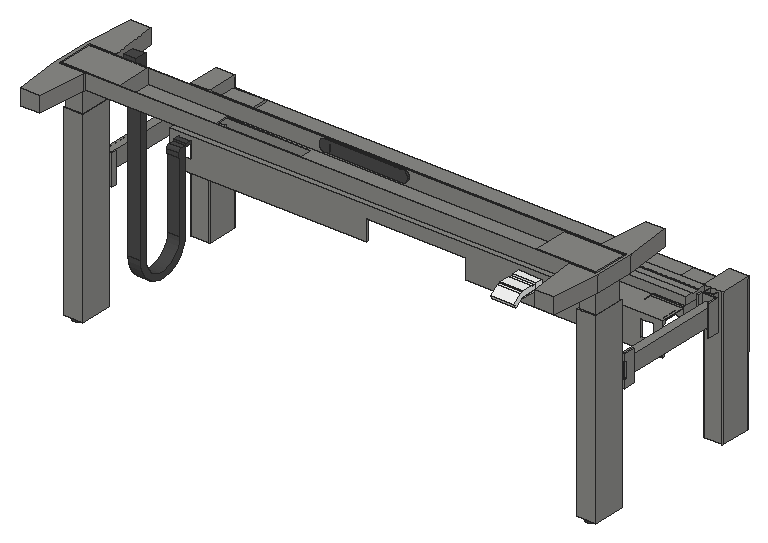
Revit family "Support-Teknion-HNBFNZ_Navigate_Single_Sided_Frame-R2016", category Furniture, Revit 2016 (continued)
Dimensions and locks (in)
  aligned and locked: plane 8 "Top" to Sweep 4 sketch curve
  aligned and locked: plane 1 "Center Front/Back" to Sweep 5 sketch curve
  aligned and locked: plane 3 "Center Left/Right" to Sweep 6 sketch curve
  aligned and locked: Sweep 7 sketch curve to plane 3 "Center Left/Right"
  aligned and locked: Sweep 8 sketch curve to plane 3 "Center Left/Right"
  aligned and locked: plane 8 "Top" to Sweep 10 sketch curve
  aligned and locked: plane 3 "Center Left/Right" to Sweep 10 sketch curve
  aligned and locked: Sweep 11 sketch curve to plane 3 "Center Left/Right"
  aligned and locked: plane 8 "Top" to Sweep 11 sketch curve
  aligned and locked: Sweep 13 sketch curve to plane 3 "Center Left/Right"
  aligned and locked: plane 13 to Sweep 15 sketch curve
  aligned and locked: level to Sweep 16 sketch curve
  aligned and locked: Sweep 19 sketch curve to plane 3 "Center Left/Right"
  aligned and locked: plane 3 "Center Left/Right" to Sweep 23 sketch curve
  aligned and locked: plane 5 "Right" to curve 1
  aligned and locked: plane 7 "Front" to curve 1
  aligned and locked: plane 4 "Left" to curve 1
  aligned and locked: plane 4 "Left" to curve 2
  aligned and locked: plane 5 "Right" to curve 2
  aligned and locked: curve 2 to plane 6 "Back"
  aligned and locked: Sweep 26 sketch curve to plane 3 "Center Left/Right"
  aligned and locked: plane 3 "Center Left/Right" to Sweep 27 sketch curve
  aligned and locked: plane 3 "Center Left/Right" to Sweep 37 sketch curve
  aligned and locked: Sweep 40 sketch curve to plane 3 "Center Left/Right"
  aligned and locked: curve 4 to plane 17 "RIGHT Reference for Frame Run"
  aligned and locked: Sweep 17 sketch curve to plane 1 "Center Front/Back"
  aligned and locked: plane 1 "Center Front/Back" to Sweep 43 sketch curve
  aligned and locked: Sweep 43 sketch curve to plane 9
  aligned and locked: plane 2 to Sweep 28 sketch curve
  aligned and locked: Sweep 30 sketch curve to plane 2
  aligned and locked: curve 7 to Sweep 48
  aligned and locked: curve 8 to Sweep 48
  aligned and locked: curve 9 to Sweep 48
  aligned and locked: curve 10 to Sweep 48
  aligned and locked: curve 11 to Sweep 48
  aligned and locked: curve 12 to Sweep 48
  aligned and locked: curve 13 to Sweep 48
  aligned and locked: curve 14 to Sweep 48
  aligned and locked: curve 15 to Sweep 48
  aligned and locked: curve 16 to Sweep 48
  aligned and locked: curve 17 to Sweep 48
  aligned and locked: curve 18 to Sweep 48
  aligned and locked: curve 19 to Sweep 28
  aligned and locked: curve 20 to Sweep 28
  aligned and locked: curve 21 to Sweep 28
  aligned and locked: curve 22 to Sweep 28
  aligned and locked: curve 23 to Sweep 28
  aligned and locked: curve 24 to Sweep 28
  aligned and locked: curve 25 to Sweep 28
  aligned and locked: curve 26 to Sweep 28
  aligned and locked: curve 27 to Sweep 28
  aligned and locked: curve 28 to Sweep 28
  aligned and locked: curve 29 to Sweep 28
  aligned and locked: curve 30 to Sweep 28
  aligned and locked: curve 31 to cut or joined group of Sweep 29, Sweep 30
  aligned and locked: curve 32 to cut or joined group of Sweep 29, Sweep 30
  aligned and locked: curve 36 to cut or joined group of Sweep 29, Sweep 30
  aligned and locked: curve 37 to cut or joined group of Sweep 29, Sweep 30
  aligned and locked: curve 38 to cut or joined group of Sweep 29, Sweep 30
  aligned and locked: curve 39 to cut or joined group of Sweep 29, Sweep 30
  aligned and locked: curve 40 to cut or joined group of Sweep 29, Sweep 30
  aligned and locked: curve 41 to cut or joined group of Sweep 29, Sweep 30
  aligned and locked: cut or joined group of Sweep 29, Sweep 30 to curve 34
  aligned and locked: curve 42 to Sweep 43
  aligned and locked: curve 44 to Sweep 43
  aligned and locked: curve 46 to Sweep 43
  aligned and locked: curve 48 to Sweep 43
  aligned and locked: curve 50 to Sweep 16
  aligned and locked: curve 51 to Sweep 16
  aligned and locked: curve 52 to Sweep 44
  aligned and locked: curve 53 to Sweep 44
  aligned and locked: curve 54 to Sweep 8
  aligned and locked: curve 55 to Sweep 8
  aligned and locked: curve 56 to Sweep 8
  aligned and locked: curve 57 to Sweep 8
  aligned and locked: curve 58 to Sweep 8
  aligned and locked: curve 59 to Sweep 8
  aligned and locked: curve 60 to cut or joined group of Sweep 6, Sweep 7
  aligned and locked: curve 61 to cut or joined group of Sweep 6, Sweep 7
  aligned and locked: curve 62 to cut or joined group of Sweep 6, Sweep 7
  aligned and locked: curve 63 to cut or joined group of Sweep 6, Sweep 7
  aligned and locked: curve 64 to cut or joined group of Sweep 6, Sweep 7
  aligned and locked: curve 65 to cut or joined group of Sweep 6, Sweep 7
  aligned and locked: curve 66 to cut or joined group of Sweep 6, Sweep 7
  aligned and locked: curve 67 to Sweep 9
  aligned and locked: curve 68 to Sweep 9
  aligned and locked: curve 69 to Sweep 9
  aligned and locked: curve 70 to Sweep 9
  aligned and locked: curve 71 to cut or joined group of Sweep 6, Sweep 7
  aligned and locked: curve 72 to cut or joined group of Sweep 6, Sweep 7
  aligned and locked: curve 73 to cut or joined group of Sweep 6, Sweep 7
  aligned and locked: curve 74 to cut or joined group of Sweep 6, Sweep 7
  aligned and locked: curve 75 to cut or joined group of Sweep 6, Sweep 7
  aligned and locked: curve 76 to cut or joined group of Sweep 6, Sweep 7
  aligned and locked: curve 77 to cut or joined group of Sweep 6, Sweep 7
  aligned and locked: curve 78 to Sweep 8
  aligned and locked: curve 79 to Sweep 8
  aligned and locked: curve 80 to Sweep 8
  aligned and locked: curve 81 to Sweep 8
  aligned and locked: curve 82 to Sweep 8
  aligned and locked: curve 83 to Sweep 3
  aligned and locked: curve 84 to Sweep 3
  aligned and locked: curve 85 to Sweep 3
  aligned and locked: curve 86 to Sweep 3
  aligned and locked: curve 87 to Sweep 3
  aligned and locked: curve 88 to Sweep 3
  aligned and locked: curve 89 to Sweep 3
  aligned and locked: curve 90 to Sweep 3
  aligned and locked: curve 91 to Sweep 3
  aligned and locked: curve 92 to Sweep 3
  aligned and locked: curve 93 to Sweep 3
  aligned and locked: curve 94 to Sweep 3
  aligned and locked: curve 95 to cut or joined group of Sweep 5, Sweep 10, Sweep 11, Sweep 12
  aligned and locked: curve 96 to cut or joined group of Sweep 5, Sweep 10, Sweep 11, Sweep 12
  aligned and locked: curve 97 to cut or joined group of Sweep 5, Sweep 10, Sweep 11, Sweep 12
  aligned and locked: curve 98 to cut or joined group of Sweep 5, Sweep 10, Sweep 11, Sweep 12
  aligned and locked: curve 99 to cut or joined group of Sweep 5, Sweep 10, Sweep 11, Sweep 12
  aligned and locked: curve 100 to cut or joined group of Sweep 5, Sweep 10, Sweep 11, Sweep 12
  aligned and locked: curve 101 to cut or joined group of Sweep 5, Sweep 10, Sweep 11, Sweep 12
  aligned and locked: curve 102 to cut or joined group of Sweep 5, Sweep 10, Sweep 11, Sweep 12
  aligned and locked: curve 103 to Sweep 4
  aligned and locked: curve 104 to Sweep 4
  aligned and locked: curve 105 to Sweep 4
  aligned and locked: curve 106 to Sweep 4
  aligned and locked: curve 107 to Sweep 42
  aligned and locked: curve 108 to Sweep 42
  aligned and locked: curve 109 to Sweep 42
  aligned and locked: curve 110 to Sweep 42
  aligned and locked: curve 111 to Sweep 41
  aligned and locked: curve 112 to Sweep 41
  aligned and locked: curve 113 to Sweep 41
  aligned and locked: curve 114 to Sweep 41
  aligned and locked: curve 115 to Sweep 4
  aligned and locked: curve 116 to Sweep 4
  aligned and locked: curve 117 to Sweep 4
  aligned and locked: curve 118 to Sweep 4
  aligned and locked: Sweep 48 to curve 119
  aligned and locked: curve 120 to Sweep 1
  aligned and locked: curve 121 to Sweep 48
  aligned and locked: Sweep 1 to curve 122
  aligned and locked: curve 123 to Sweep 2
  aligned and locked: curve 124 to Sweep 2
  aligned and locked: curve 125 to Sweep 2
  aligned and locked: curve 126 to Sweep 2
  aligned and locked: curve 127 to Sweep 15
  aligned and locked: curve 128 to Sweep 15
  aligned and locked: curve 129 to Sweep 15
  aligned and locked: curve 130 to Sweep 15
  aligned and locked: curve 131 to cut or joined group of Sweep 5, Sweep 10, Sweep 11, Sweep 12
  aligned and locked: curve 132 to Sweep 16
  aligned and locked: curve 133 to Sweep 16
  aligned and locked: curve 134 to Sweep 44
  aligned and locked: curve 135 to Sweep 44
  aligned and locked: curve 136 to Sweep 21
  aligned and locked: Sweep 21 to curve 137
  aligned and locked: curve 138 to Sweep 21
  aligned and locked: curve 139 to Sweep 21
  aligned and locked: curve 140 to Sweep 21
  aligned and locked: curve 141 to cut or joined group of Sweep 24, Sweep 26
  aligned and locked: curve 142 to cut or joined group of Sweep 24, Sweep 26
  aligned and locked: curve 143 to cut or joined group of Sweep 24, Sweep 26
  aligned and locked: curve 144 to cut or joined group of Sweep 24, Sweep 26
  aligned and locked: curve 145 to cut or joined group of Sweep 25, Sweep 26
  aligned and locked: curve 146 to cut or joined group of Sweep 25, Sweep 26
  aligned and locked: curve 147 to cut or joined group of Sweep 25, Sweep 26
  aligned and locked: cut or joined group of Sweep 25, Sweep 26 to curve 148
  aligned and locked: curve 149 to cut or joined group of Sweep 25, Sweep 26
  aligned and locked: curve 150 to cut or joined group of Sweep 25, Sweep 26
  aligned and locked: curve 151 to cut or joined group of Sweep 25, Sweep 26
  aligned and locked: curve 152 to cut or joined group of Sweep 25, Sweep 26
  aligned and locked: curve 153 to cut or joined group of Sweep 24, Sweep 26
  aligned and locked: curve 154 to cut or joined group of Sweep 24, Sweep 26
  aligned and locked: curve 155 to cut or joined group of Sweep 24, Sweep 26
  aligned and locked: curve 156 to cut or joined group of Sweep 24, Sweep 26
  aligned and locked: curve 157 to Sweep 27
  aligned and locked: curve 158 to Sweep 27
  aligned and locked: curve 160 to Sweep 27
  aligned and locked: curve 159 to Sweep 27
  aligned and locked: curve 161 to Sweep 27
  aligned and locked: curve 162 to Sweep 27
  aligned and locked: Sweep 27 to curve 163
  aligned and locked: curve 164 to Sweep 27
  aligned and locked: curve 165 to cut or joined group of Sweep 31, Sweep 32, Sweep 33, Sweep 34, Sweep 35
  aligned and locked: curve 166 to cut or joined group of Sweep 31, Sweep 32, Sweep 33, Sweep 34, Sweep 35
  aligned and locked: curve 167 to cut or joined group of Sweep 31, Sweep 32, Sweep 33, Sweep 34, Sweep 35
  aligned and locked: curve 168 to cut or joined group of Sweep 31, Sweep 32, Sweep 33, Sweep 34, Sweep 35
  aligned and locked: curve 169 to cut or joined group of Sweep 31, Sweep 32, Sweep 33, Sweep 34, Sweep 35
  aligned and locked: curve 170 to cut or joined group of Sweep 31, Sweep 32, Sweep 33, Sweep 34, Sweep 35
  aligned and locked: curve 171 to cut or joined group of Sweep 31, Sweep 32, Sweep 33, Sweep 34, Sweep 35
  aligned and locked: curve 172 to cut or joined group of Sweep 31, Sweep 32, Sweep 33, Sweep 34, Sweep 35
  aligned and locked: curve 173 to cut or joined group of Sweep 31, Sweep 32, Sweep 33, Sweep 34, Sweep 35
  aligned and locked: curve 174 to cut or joined group of Sweep 31, Sweep 32, Sweep 33, Sweep 34, Sweep 35
  aligned and locked: cut or joined group of Sweep 31, Sweep 32, Sweep 33, Sweep 34, Sweep 35 to curve 175
  aligned and locked: curve 176 to cut or joined group of Sweep 31, Sweep 32, Sweep 33, Sweep 34, Sweep 35
  aligned and locked: curve 177 to cut or joined group of Sweep 31, Sweep 32, Sweep 33, Sweep 34, Sweep 35
  aligned and locked: cut or joined group of Sweep 31, Sweep 32, Sweep 33, Sweep 34, Sweep 35 to curve 178
  aligned and locked: curve 179 to cut or joined group of Sweep 31, Sweep 32, Sweep 33, Sweep 34, Sweep 35
  aligned and locked: curve 180 to cut or joined group of Sweep 31, Sweep 32, Sweep 33, Sweep 34, Sweep 35
  aligned and locked: curve 181 to cut or joined group of Sweep 31, Sweep 32, Sweep 33, Sweep 34, Sweep 35
  aligned and locked: curve 182 to cut or joined group of Sweep 31, Sweep 32, Sweep 33, Sweep 34, Sweep 35
  aligned and locked: curve 183 to cut or joined group of Sweep 31, Sweep 32, Sweep 33, Sweep 34, Sweep 35
  aligned and locked: curve 184 to cut or joined group of Sweep 31, Sweep 32, Sweep 33, Sweep 34, Sweep 35
  aligned and locked: curve 185 to cut or joined group of Sweep 31, Sweep 32, Sweep 33, Sweep 34, Sweep 35
  aligned and locked: curve 186 to cut or joined group of Sweep 31, Sweep 32, Sweep 33, Sweep 34, Sweep 35
  aligned and locked: curve 187 to cut or joined group of Sweep 31, Sweep 32, Sweep 33, Sweep 34, Sweep 35
  aligned and locked: curve 188 to cut or joined group of Sweep 31, Sweep 32, Sweep 33, Sweep 34, Sweep 35
  aligned and locked: curve 189 to cut or joined group of Sweep 31, Sweep 32, Sweep 33, Sweep 34, Sweep 35
  aligned and locked: curve 190 to cut or joined group of Sweep 31, Sweep 32, Sweep 33, Sweep 34, Sweep 35
  aligned and locked: curve 191 to cut or joined group of Sweep 31, Sweep 32, Sweep 33, Sweep 34, Sweep 35
  aligned and locked: curve 192 to cut or joined group of Sweep 31, Sweep 32, Sweep 33, Sweep 34, Sweep 35
  aligned and locked: curve 193 to cut or joined group of Sweep 31, Sweep 32, Sweep 33, Sweep 34, Sweep 35
  aligned and locked: curve 194 to cut or joined group of Sweep 31, Sweep 32, Sweep 33, Sweep 34, Sweep 35
  aligned and locked: curve 195 to cut or joined group of Sweep 36, Sweep 37, Sweep 38, Sweep 39, Sweep 40
  aligned and locked: curve 196 to cut or joined group of Sweep 36, Sweep 37, Sweep 38, Sweep 39, Sweep 40
  aligned and locked: curve 197 to cut or joined group of Sweep 36, Sweep 37, Sweep 38, Sweep 39, Sweep 40
  aligned and locked: curve 198 to cut or joined group of Sweep 36, Sweep 37, Sweep 38, Sweep 39, Sweep 40
  aligned and locked: curve 199 to cut or joined group of Sweep 36, Sweep 37, Sweep 38, Sweep 39, Sweep 40
  aligned and locked: curve 200 to cut or joined group of Sweep 36, Sweep 37, Sweep 38, Sweep 39, Sweep 40
  aligned and locked: curve 201 to cut or joined group of Sweep 36, Sweep 37, Sweep 38, Sweep 39, Sweep 40
  aligned and locked: curve 202 to cut or joined group of Sweep 36, Sweep 37, Sweep 38, Sweep 39, Sweep 40
  aligned and locked: curve 203 to cut or joined group of Sweep 36, Sweep 37, Sweep 38, Sweep 39, Sweep 40
  aligned and locked: cut or joined group of Sweep 36, Sweep 37, Sweep 38, Sweep 39, Sweep 40 to curve 204
  aligned and locked: curve 205 to cut or joined group of Sweep 36, Sweep 37, Sweep 38, Sweep 39, Sweep 40
  aligned and locked: curve 206 to cut or joined group of Sweep 36, Sweep 37, Sweep 38, Sweep 39, Sweep 40
  aligned and locked: curve 207 to cut or joined group of Sweep 36, Sweep 37, Sweep 38, Sweep 39, Sweep 40
  aligned and locked: curve 208 to cut or joined group of Sweep 36, Sweep 37, Sweep 38, Sweep 39, Sweep 40
  aligned and locked: curve 209 to cut or joined group of Sweep 36, Sweep 37, Sweep 38, Sweep 39, Sweep 40
  aligned and locked: curve 210 to cut or joined group of Sweep 36, Sweep 37, Sweep 38, Sweep 39, Sweep 40
  aligned and locked: curve 211 to cut or joined group of Sweep 36, Sweep 37, Sweep 38, Sweep 39, Sweep 40
  aligned and locked: curve 212 to cut or joined group of Sweep 36, Sweep 37, Sweep 38, Sweep 39, Sweep 40
  aligned and locked: curve 213 to cut or joined group of Sweep 36, Sweep 37, Sweep 38, Sweep 39, Sweep 40
  aligned and locked: curve 214 to cut or joined group of Sweep 36, Sweep 37, Sweep 38, Sweep 39, Sweep 40
  aligned and locked: curve 215 to cut or joined group of Sweep 36, Sweep 37, Sweep 38, Sweep 39, Sweep 40
  aligned and locked: curve 216 to cut or joined group of Sweep 36, Sweep 37, Sweep 38, Sweep 39, Sweep 40
  aligned and locked: curve 217 to cut or joined group of Sweep 36, Sweep 37, Sweep 38, Sweep 39, Sweep 40
  aligned and locked: curve 218 to cut or joined group of Sweep 36, Sweep 37, Sweep 38, Sweep 39, Sweep 40
  aligned and locked: curve 219 to cut or joined group of Sweep 36, Sweep 37, Sweep 38, Sweep 39, Sweep 40
  aligned and locked: curve 221 to Sweep 21
  aligned and locked: curve 222 to Sweep 21
  aligned and locked: curve 223 to Sweep 21
  aligned and locked: curve 220 to Sweep 21
  aligned and locked: curve 224 to Sweep 47
  aligned and locked: curve 225 to Sweep 47
  aligned and locked: curve 226 to Sweep 47
  aligned and locked: curve 227 to Sweep 47
  aligned and locked: curve 228 to Sweep 47
  aligned and locked: curve 229 to Sweep 47
  aligned and locked: curve 230 to Sweep 47
  aligned and locked: curve 231 to Sweep 47
  aligned and locked: curve 232 to Sweep 47
  aligned and locked: curve 233 to Sweep 47
  aligned and locked: curve 234 to Sweep 47
  aligned and locked: curve 235 to Sweep 47
  aligned and locked: curve 237 to Sweep 43
  aligned and locked: curve 239 to Sweep 43
  aligned and locked: curve 241 to Sweep 43
  aligned and locked: curve 243 to Sweep 43
  aligned and locked: curve 244 to Sweep 16
  aligned and locked: curve 245 to Sweep 16
  aligned and locked: curve 246 to Sweep 44
  aligned and locked: curve 247 to Sweep 44
  aligned and locked: curve 248 to Sweep 8
  aligned and locked: curve 249 to Sweep 8
  aligned and locked: curve 250 to Sweep 8
  aligned and locked: curve 251 to Sweep 8
  aligned and locked: curve 252 to Sweep 8
  aligned and locked: curve 253 to Sweep 8
  aligned and locked: curve 254 to cut or joined group of Sweep 6, Sweep 7
  aligned and locked: curve 255 to cut or joined group of Sweep 6, Sweep 7
  aligned and locked: curve 256 to cut or joined group of Sweep 6, Sweep 7
  aligned and locked: curve 257 to cut or joined group of Sweep 6, Sweep 7
  aligned and locked: curve 258 to cut or joined group of Sweep 6, Sweep 7
  aligned and locked: curve 259 to cut or joined group of Sweep 6, Sweep 7
  aligned and locked: curve 260 to cut or joined group of Sweep 6, Sweep 7
  aligned and locked: curve 261 to cut or joined group of Sweep 6, Sweep 7
  aligned and locked: curve 262 to Sweep 9
  aligned and locked: curve 263 to Sweep 9
  aligned and locked: curve 264 to Sweep 9
  aligned and locked: curve 265 to Sweep 9
  aligned and locked: curve 266 to cut or joined group of Sweep 29, Sweep 30
  aligned and locked: curve 267 to cut or joined group of Sweep 29, Sweep 30
  aligned and locked: curve 268 to cut or joined group of Sweep 29, Sweep 30
  aligned and locked: curve 269 to cut or joined group of Sweep 29, Sweep 30
  aligned and locked: curve 270 to cut or joined group of Sweep 29, Sweep 30
  aligned and locked: curve 271 to cut or joined group of Sweep 29, Sweep 30
  aligned and locked: curve 272 to cut or joined group of Sweep 29, Sweep 30
  aligned and locked: curve 273 to cut or joined group of Sweep 29, Sweep 30
  aligned and locked: curve 274 to Sweep 46
  aligned and locked: curve 275 to Sweep 46
  aligned and locked: curve 276 to Sweep 46
  aligned and locked: curve 277 to Sweep 45
  aligned and locked: curve 278 to Sweep 45
  aligned and locked: curve 279 to Sweep 45
  aligned and locked: curve 280 to Sweep 45
  aligned and locked: curve 281 to Sweep 45
  aligned and locked: curve 282 to Sweep 45
  aligned and locked: curve 283 to Sweep 45
  aligned and locked: curve 284 to Sweep 45
  aligned and locked: curve 285 to Sweep 45
  aligned and locked: curve 286 to Sweep 45
  aligned and locked: curve 287 to Sweep 45
  aligned and locked: curve 288 to Sweep 45
  aligned and locked: curve 289 to Sweep 3
  aligned and locked: curve 290 to Sweep 3
  aligned and locked: curve 291 to Sweep 3
  aligned and locked: curve 292 to Sweep 3
  aligned and locked: curve 293 to Sweep 3
  aligned and locked: curve 294 to Sweep 3
  aligned and locked: curve 295 to Sweep 3
  aligned and locked: curve 296 to Sweep 3
  aligned and locked: curve 297 to Sweep 3
  aligned and locked: curve 298 to Sweep 3
  aligned and locked: curve 299 to Sweep 3
  aligned and locked: curve 300 to Sweep 3
  aligned and locked: curve 301 to Sweep 15
  aligned and locked: curve 302 to Sweep 15
  aligned and locked: curve 303 to Sweep 15
  aligned and locked: curve 304 to Sweep 15
  aligned and locked: curve 305 to Sweep 2
  aligned and locked: curve 306 to Sweep 2
  aligned and locked: curve 307 to Sweep 2
  aligned and locked: curve 308 to Sweep 2
  aligned and locked: curve 309 to Sweep 1
  aligned and locked: curve 310 to Sweep 1
  aligned and locked: curve 311 to Sweep 1
  aligned and locked: curve 312 to Sweep 1
  aligned and locked: curve 313 to cut or joined group of Sweep 5, Sweep 10, Sweep 11, Sweep 12
  aligned and locked: curve 314 to Sweep 16
  aligned and locked: curve 315 to Sweep 16
  aligned and locked: curve 316 to Sweep 44
  aligned and locked: curve 317 to Sweep 44
  aligned and locked: curve 318 to cut or joined group of Sweep 6, Sweep 7
  aligned and locked: curve 319 to cut or joined group of Sweep 6, Sweep 7
  aligned and locked: curve 320 to cut or joined group of Sweep 6, Sweep 7
  aligned and locked: curve 321 to cut or joined group of Sweep 6, Sweep 7
  aligned and locked: curve 322 to cut or joined group of Sweep 6, Sweep 7
  aligned and locked: curve 323 to cut or joined group of Sweep 6, Sweep 7
  aligned and locked: curve 324 to cut or joined group of Sweep 6, Sweep 7
  aligned and locked: curve 325 to Sweep 8
  aligned and locked: curve 326 to Sweep 8
  aligned and locked: curve 327 to Sweep 8
  aligned and locked: curve 328 to Sweep 8
  aligned and locked: curve 329 to Sweep 8
  aligned and locked: curve 330 to Sweep 8
  aligned and locked: Sweep 17 to Masking region 1 sketch curve  (x2)
  aligned and locked: Masking region 1 sketch curve to Sweep 17
  aligned and locked: curve 1 to Masking region 1 sketch curve
  aligned and locked: curve 331 to Sweep 17
  aligned and locked: curve 332 to Sweep 17
  aligned and locked: curve 333 to Sweep 17
  aligned and locked: curve 334 to cut or joined group of Sweep 18, Sweep 19, Sweep 20
  aligned and locked: curve 335 to cut or joined group of Sweep 18, Sweep 19, Sweep 20
  aligned and locked: curve 336 to cut or joined group of Sweep 18, Sweep 19, Sweep 20
  aligned and locked: curve 337 to cut or joined group of Sweep 18, Sweep 19, Sweep 20
  aligned and locked: curve 338 to cut or joined group of Sweep 22, Sweep 23
  aligned and locked: curve 339 to cut or joined group of Sweep 22, Sweep 23
  aligned and locked: curve 340 to cut or joined group of Sweep 22, Sweep 23
  aligned and locked: curve 341 to cut or joined group of Sweep 22, Sweep 23
  aligned and locked: curve 342 to Sweep 21
Automatic sketch dimensions
  curve 3 to plane 16 "LEFT Reference for Frame Run" = 0.000"
  plane 7 "Front" to curve 3 = 3.7145"
  plane 7 "Front" to curve 4 = 4.07871"
  plane 9 to curve 4 = 2.20848"
  plane 9 to curve 3 = 2.57269"
  Sweep 1 sketch curve to plane 3 "Center Left/Right" = 0.00321"
  plane 3 "Center Left/Right" to Sweep 2 sketch curve = 0.01078"
  Sweep 4 sketch curve to plane 3 "Center Left/Right" = 0.04659"
  Sweep 12 sketch curve to plane 3 "Center Left/Right" = 0.000"
  plane 3 "Center Left/Right" to Sweep 14 sketch curve = 0.01078"
  plane 3 "Center Left/Right" to Sweep 15 sketch curve = 0.05367"
  plane 3 "Center Left/Right" to Sweep 16 sketch curve = 0.04372"
  Sweep 17 sketch curve to Sweep 17 sketch curve = 0.70079"
  Sweep 17 sketch curve to Sweep 17 sketch curve = 0.13841"
  plane 3 "Center Left/Right" to Sweep 20 sketch curve = 0.04657"
  Sweep 21 sketch curve to plane 3 "Center Left/Right" = 0.04643"
  Sweep 22 sketch curve to plane 6 "Back" = 3.9852"
  Sweep 23 sketch curve to plane 6 "Back" = 3.9852"
  Sweep 24 sketch curve to plane 6 "Back" = 3.9852"
  Sweep 25 sketch curve to plane 6 "Back" = 3.9852"
  Sweep 27 sketch curve to Sweep 27 sketch curve = 0.12499"  (x2)
  Sweep 28 sketch curve to plane 3 "Center Left/Right" = 4.12712"
  Sweep 29 sketch curve to plane 3 "Center Left/Right" = 4.12702"
  Sweep 30 sketch curve to plane 3 "Center Left/Right" = 4.12712"
  Sweep 31 sketch curve to plane 6 "Back" = 3.9852"
  Sweep 32 sketch curve to plane 3 "Center Left/Right" = 4.12702"
  Sweep 33 sketch curve to plane 6 "Back" = 3.9852"
  Sweep 34 sketch curve to plane 3 "Center Left/Right" = 4.12702"
  Sweep 35 sketch curve to plane 3 "Center Left/Right" = 4.12702"
  Sweep 38 sketch curve to plane 6 "Back" = 3.9852"
  plane 3 "Center Left/Right" to Sweep 39 sketch curve = 0.0465"
  plane 3 "Center Left/Right" to Sweep 44 sketch curve = 0.04372"
  plane 3 "Center Left/Right" to Sweep 45 sketch curve = 4.12712"
  Sweep 45 sketch curve to plane 14 = 4.74696"
  level to Sweep 45 sketch curve = 0.03937"
  Sweep 46 sketch curve to plane 3 "Center Left/Right" = 4.12712"
  Sweep 46 sketch curve to level = 0.000"
  plane 5 "Right" to Sweep 47 sketch curve = 0.89178"
  Sweep 47 sketch curve to Sweep 47 sketch curve = 0.06051"
  Sweep 47 sketch curve to Sweep 47 sketch curve = 2.55906"
  Sweep 47 sketch curve to profile plane = 1.57225"
  Sweep 47 sketch curve to Sweep 47 sketch curve = 0.05394"
  Sweep 47 sketch curve to Sweep 47 sketch curve = 0.53996"
  plane 16 "LEFT Reference for Frame Run" to Sweep 48 sketch curve = 1.88328"
  plane 1 "Center Front/Back" to Sweep 41 sketch curve = 0.90249"
  plane 1 "Center Front/Back" to Sweep 42 sketch curve = 0.90249"
  plane 7 "Front" to curve 332 = 0.000"
  plane 7 "Front" to curve 333 = 0.000"
  curve 23 to curve 35 = 0.18822"
  curve 33 to curve 39 = 0.000"
  curve 67 to curve 77 = 0.00693"
  curve 71 to curve 71 = 0.13449"
  curve 40 to curve 35 = 0.000"
  curve 265 to curve 321 = 0.025"
  curve 262 to curve 321 = 0.025"
  curve 325 to curve 264 = 0.26898"
  curve 263 to curve 264 = 0.000"
  curve 67 to curve 77 = 0.000"
  radius of Sweep 16 sketch curve = 0.59447"  (x4)
  radius of Sweep 44 sketch curve = 0.41009"  (x2)
  radius of Sweep 44 sketch curve = 0.4062"  (x2)
Types (4): name | Single-Sided (A) | Product Documentation Link | Outer Leg Layer Height | Not Extend Electrics Extended | Model | Has Navigate Wire Channel | Description | Depth | Available Heights | Extended Electrics Extended | Extended Electrics Restricted | Standard Electric
  (no name) | yes | "https://www.teknion.com/pricing/hab/pdfs/HNBFNZ_ppg.pdf" | 22.736" | yes | "HNBFNZ7S_" | yes | "Navigate Single-Sided Frame, Standard Electric" | 30.000" | "27 Inches to 43 Inches" | no | no | yes
  Standard Electric (27" - 43") | yes | "https://www.teknion.com/pricing/hab/pdfs/HNBFNZ_ppg.pdf" | 22.736" | yes | "HNBFNZ7S_" | yes | "Navigate Single-Sided Frame, Standard Electric" | 30.000" | "27 Inches to 43 Inches" | no | no | yes
  Extended Electrics-Restricted (25" - 48.7") | no | "https://www.teknion.com/pricing/hab/pdfs/HNBFNA_ppg.pdf" | 22.736" | yes | "HNBFNZ9C_" | no | "Navigate Single-Sided Frame, Extended Electrics-Restricted" | 48.000" | "25 Inches to 48.7 Inches" | no | yes | no
  Extended Electrics-Exteneded (22.6" - 48.7") | no | "https://www.teknion.com/pricing/hab/pdfs/HNBFNA_ppg.pdf" | 17.953" | no | "HNBFNZ9E_" | no | "Navigate Single-Sided Frame, Extended Electrics-Extended" | 48.000" | "22.6 Inches to 48.7 Inches" | yes | no | no
